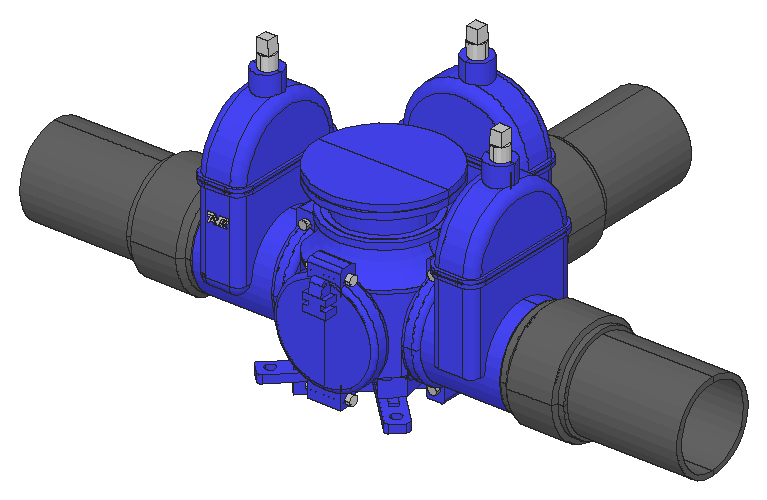
Revit family "18-01-010 DN200 Combicross with BL_CAP", category Pipe Accessories, Revit 2022
Family settings
  Round Connector Dimension = Use Diameter
  Part Type = Valve - Breaks Into
  Work Plane-Based = No
  Always vertical = Yes
  Cut with Voids When Loaded = No
  Shared = No
Parameters (values of type "DN200 With BL_CAP")
  test = 100 mm  # constant formula
  blind cap = 220 mm  # constant formula
  URL_product_pages = "https://www.avkvalves.com/P.aspx?no=1820001FFF894764"
  Search_table = "18-01-010 DN200 Combicross with BL_CAP"
  Rib_dim2 = 510 mm * 0.04  # 20.4 mm
  Rib_dim1 = 55 mm * 0.2  # 11 mm
  Raised_dis = size_lookup(Search_table, "Raised_dis", 0 mm, DN)  # 3 mm
  Rib_dim3 = PCD * 0.45  # 180 mm
  PCD = 510 mm - 110 mm  # 400 mm
  L3 = size_lookup(Search_table, "L3", 0 mm, DN)  # 1055 mm
  L = size_lookup(Search_table, "L", 0 mm, DN) / 2  # 834.5 mm
  Hole_dia = 26 mm / 2  # 13 mm
  H3-H1 = H3 - H1  # 490 mm
  H3 = size_lookup(Search_table, "H3", 0 mm, DN)  # 685 mm
  H1 = size_lookup(Search_table, "H1", 0 mm, DN)  # 195 mm
  FL_T = size_lookup(Search_table, "FL_T", 0 mm, DN)  # 16 mm
  Description_ = "COMBI-CROSS, PE PIPE ENDS, PN16"
  Default Elevation = 0 mm
  DN200 With BL_CAP = "18-200-01-FFF894764"
  DN = 200 mm
  Conn.3 = size_lookup(Search_table, "Conn.3", 0 mm, DN)  # 225 mm
  Conn.2 = size_lookup(Search_table, "Conn.2", 0 mm, DN)  # 225 mm
  Conn.1 = size_lookup(Search_table, "Conn.1", 0 mm, DN)  # 225 mm
  L4 = size_lookup(Search_table, "L4", 0 mm, DN)  # 280 mm
  Centre_Flange_OD = size_lookup(Search_table, "Centre_Flange_OD", 0 mm, DN) / 2  # 110 mm
  Centre_Bnt_H = size_lookup(Search_table, "Centre_Bnt_H", 0 mm, DN)  # 85 mm
  Centre_dis = size_lookup(Search_table, "Centre_dis", 0 mm, DN) / 2  # 165 mm
  Centre_B_H = size_lookup(Search_table, "Centre_B_H", 0 mm, DN)  # 203 mm
  C_to_connection = size_lookup(Search_table, "C_to_connection", 0 mm, DN)  # 165 mm
  C_FL_D = size_lookup(Search_table, "C_FL_D", 0 mm, DN) / 2  # 140 mm
  C_Bnt_OD = Bore * 1.25  # 125 mm
  Bore = DN / 2  # 100 mm
  Body_T = size_lookup(Search_table, "Body_T", 0 mm, DN)  # 9 mm
  Bnt_RR = Centre_dis * 0.85  # 140.25 mm
  55/2 = 55 mm / 2  # 27.5 mm
  510 = 510 mm / 2  # 255 mm
  40 = 40 mm  # constant formula
  320 = 320 mm / 2  # 160 mm
  30 = 30 mm  # constant formula
  20 = 20 mm  # constant formula
  2 = 2 mm  # constant formula
  185 = 185 mm  # constant formula
  15 = 15 mm  # constant formula
  10 = 10 mm  # constant formula
  1 = 150 mm  # constant formula
Reference planes
  plane 1 "Center (Front/Back)": y = 0
  plane 2: z = 0
  plane 3 "Center (Left/Right)": x = 0
  plane 4: through (0, 0, 1200) normal (-0.7071, 0.7071, 0)
  plane 5: through (0, 0, 1200) normal (-0.7071, -0.7071, 0)
  plane 6: z = 100
  plane 7: z = -100
  plane 8: z = 203
  plane 9: z = 187
  plane 10: x = -100
  plane 11: x = 100
  plane 12: x = -165
  plane 13: x = 165
  plane 14: z = 288
  plane 15: z = 285
  plane 16: z = 304
  plane 17: z = 490
  plane 18: x = -165
  plane 19: x = 165
  plane 20: y = 165
  plane 21: y = -165
  plane 22: through (124.616, -485.241, 1200) normal (0.7071, 0.7071, 0)
  plane 23: z = -195
  plane 24: z = -165
  plane 25: through (-593.135, 232.511, 1200) normal (0.7071, 0.7071, 0)
  plane 26: y = -75
  plane 27: x = -75
  plane 28: through (-126.931, 487.555, 1200) normal (0.7071, 0.7071, 0)
  plane 29: through (-400.771, -40.147, 1200) normal (-0.7071, 0.7071, 0)
  plane 30: through (-24.107, -384.732, 1200) normal (-0.7071, 0.7071, 0)
  plane 31: through (58.234, 97.33, 1200) normal (0.7071, 0.7071, 0)
  plane 32: through (-97.33, -58.234, 1200) normal (0.7071, 0.7071, 0)
  plane 33: through (58.234, -97.33, 1200) normal (-0.7071, 0.7071, 0)
  plane 34: through (-97.33, 58.234, 1200) normal (-0.7071, 0.7071, 0)
  plane 35: z = -205
  plane 36: x = -834.5
  plane 37: x = 834.5
  plane 38: y = 834.5
  plane 39: y = 554.5
  plane 40: y = -220
  plane 41: y = -220.5
Forms (mm)
  Revolve 1, solid, material "Laminate, Blue, Matte"
    sketch origin (0, 0, -71.799) x (1, 0, 0) y (0, 0, 1)
      loop
        line (-165, 180.799) -> (-165, 171.799) -> (-100, 171.799) -> (-100, 258.799) -> (-109, 258.799)
        arc (-109, 258.799) -> (-126.628, 212.353) -> (-165, 180.799) r 96.646
      axis (0, 258.799) -> (0, 171.799)
    angle from 0 to 360
  Revolve 2, solid, material "Laminate, Blue, Matte"
    sketch origin (0, 0, 0) x (1, 0, 0) y (0, 0, 1)
      loop
        line (165, 285) -> (140.25, 285) -> (140.25, 288) -> (100, 288) -> (100, 203) -> (109, 203) -> (109, 269) -> (165, 269) -> (165, 285)
      axis (0, 288) -> (0, 203)
    angle from 0 to 360
  Extrusion 3, solid, material "Laminate, Blue, Matte"
    sketch origin (-442.62, -1524, 203) x (-1, 0, 0) y (0, -1, 0)
      loop
        circle (-442.62, -1524) r 125
      loop
        circle (-442.62, -1524) r 100
    from 0 to -16
  Revolve 4, solid, material "Laminate, Blue, Matte"
    sketch origin (0, 0, 0) x (1, 0, 0) y (0, 0, 1)
      loop
        line (-165, 304) -> (-165, 288) -> (0, 288) -> (0, 304) -> (-165, 304)
      axis (0, 288) -> (0, 304)
    angle from 0 to 360
  Revolve 5, solid, material "Laminate, Blue, Matte"
    sketch origin (0, 0, 0) x (1, 0, 0) y (0, 0, 1)
      loop
        line (0, 100) -> (-165, 100) -> (-165, -89)
        arc (-165, -89) -> (-159.142, -103.142) -> (-145, -109) r 20
        line (-145, -109) -> (0, -109) -> (0, 100)
      axis (0, 100) -> (0, -109)
    angle from 0 to 360
  Revolve 6, solid, material "Laminate, Blue, Matte"
    sketch origin (0, 0, 0) x (1, 0, 0) y (0, 0, 1)
      loop
        line (-140, 203) -> (-140, 187) -> (0, 187) -> (0, 203) -> (-140, 203)
      axis (0, 203) -> (0, 187)
    angle from 0 to 360
  Extrusion 7, solid, material "Laminate, Blue, Matte"
    sketch origin (0, 0, 0) x (1, 0, 0) y (0, 0, 1)
      loop
        circle (0, 0) r 100
    from -165 to 165
  Extrusion 8, solid, material "Laminate, Blue, Matte"
    sketch origin (0, 0, 0) x (0, 1, 0) y (0, 0, 1)
      loop
        circle (0, 0) r 100
    from -165 to 165
  Extrusion 9, solid, material "Laminate, Blue, Matte"
    sketch origin (-49.134, 0, 0) x (1, 0, 0) y (0, 1, 0)
      loop
        line (-143.552, -167.938) -> (-118.804, -192.687)
        arc (-118.804, -192.687) -> (-111.733, -195.616) -> (-104.662, -192.687) r 10
        line (-104.662, -192.687) -> (49.134, -38.891) -> (202.93, -192.687)
        arc (202.93, -192.687) -> (210.001, -195.616) -> (217.072, -192.687) r 10
        line (217.072, -192.687) -> (241.821, -167.938)
        arc (241.821, -167.938) -> (244.75, -160.867) -> (241.821, -153.796) r 10
        line (241.821, -153.796) -> (88.025, 0) -> (241.821, 153.796)
        arc (241.821, 153.796) -> (244.75, 160.867) -> (241.821, 167.938) r 10
        line (241.821, 167.938) -> (217.072, 192.687)
        arc (217.072, 192.687) -> (210.001, 195.616) -> (202.93, 192.687) r 10
        line (202.93, 192.687) -> (49.134, 38.891) -> (-104.662, 192.687)
        arc (-104.662, 192.687) -> (-111.733, 195.616) -> (-118.804, 192.687) r 10
        line (-118.804, 192.687) -> (-143.552, 167.938)
        arc (-143.552, 167.938) -> (-146.481, 160.867) -> (-143.552, 153.796) r 10
        line (-143.552, 153.796) -> (10.243, 0) -> (-143.552, -153.796)
        arc (-143.552, -153.796) -> (-146.481, -160.867) -> (-143.552, -167.938) r 10
      loop
        circle (-110.866, -160) r 13
      loop
        circle (209.134, 160) r 13
      loop
        circle (209.134, -160) r 13
      loop
        circle (-110.866, 160) r 13
    from -145 to -165
  Extrusion 10, solid, material "Laminate, Blue, Matte"
    sketch origin (-49.134, 0, 0) x (1, 0, 0) y (0, 1, 0)
      loop
        arc (7.168, 84.393) -> (-22.762, 73.329) -> (-50.003, 56.711) r 165
        arc (-50.003, 56.711) -> (-46.166, 0.021) -> (-49.963, -56.67) r 422.946
        arc (-49.963, -56.67) -> (-22.715, -73.283) -> (7.222, -84.339) r 165
        arc (7.222, -84.339) -> (85.141, -81.585) -> (141.826, -135.118) r 101.048
        arc (141.826, -135.118) -> (165.421, -116.375) -> (185.214, -93.653) r 165
        arc (185.214, -93.653) -> (170.726, -0.064) -> (185.102, 93.541) r 310.722
        arc (185.102, 93.541) -> (165.83, 116.696) -> (142.669, 135.962) r 165
        arc (142.669, 135.962) -> (85.388, 82.667) -> (7.168, 84.393) r 103.982
    from -135 to 0
  Extrusion 11, solid, material "Laminate, Blue, Matte"
    sketch origin (-49.134, 0, 0) x (1, 0, 0) y (0, 1, 0)
      loop
        line (49.134, 14.142) -> (-71.074, 134.35) -> (-85.216, 120.208) -> (34.992, 0) -> (-85.216, -120.208) -> (-71.074, -134.35) -> (49.134, -14.142) -> (169.342, -134.35) -> (183.484, -120.208) -> (63.276, 0) -> (183.484, 120.208) -> (169.342, 134.35) -> (49.134, 14.142)
    from -140.781 to -205
  Extrusion 12, solid, material "Laminate, Blue, Matte"
    sketch origin (-49.134, 0, 0) x (1, 0, 0) y (0, 1, 0)
      loop
        line (104.713, 71.135) -> (120.269, 55.579) -> (149.119, 84.429) -> (133.563, 99.985) -> (104.713, 71.135)
      loop
        line (-50.851, -84.429) -> (-35.294, -99.985) -> (-6.444, -71.135) -> (-22.001, -55.579) -> (-50.851, -84.429)
      loop
        line (149.119, -84.429) -> (120.269, -55.579) -> (104.713, -71.135) -> (133.563, -99.985) -> (149.119, -84.429)
      loop
        line (-6.444, 71.135) -> (-35.294, 99.985) -> (-50.851, 84.429) -> (-22.001, 55.579) -> (-6.444, 71.135)
    from -165 to 100
  Revolve 13, solid, material "Laminate, Blue, Matte"
    sketch origin (0, 0, 0) x (0, 1, 0) y (0, 0, 1)
      loop
        line (-152.554, 130) -> (-179.554, 130)
        arc (-179.554, 130) -> (-186.625, 127.071) -> (-189.554, 120) r 10
        line (-189.554, 120) -> (-189.554, 0) -> (-142.554, 0) -> (-142.554, 120)
        arc (-142.554, 120) -> (-145.483, 127.071) -> (-152.554, 130) r 10
      axis (-142.554, 0) -> (-189.554, 0)
    angle from 0 to 360
  Extrusion 14, solid, material "Laminate, Blue, Matte"
    sketch origin (0, 0, 0) x (0, 1, 0) y (0, 0, 1)
      loop
        line (-152.966, 159) -> (-177.966, 159)
        arc (-177.966, 159) -> (-185.037, 156.071) -> (-187.966, 149) r 10
        line (-187.966, 149) -> (-187.966, 100) -> (-142.966, 100) -> (-142.966, 149)
        arc (-142.966, 149) -> (-145.895, 156.071) -> (-152.966, 159) r 10
      loop
        line (-142.966, -100) -> (-187.966, -100) -> (-187.966, -159) -> (-152.966, -159)
        arc (-152.966, -159) -> (-145.895, -156.071) -> (-142.966, -149) r 10
        line (-142.966, -149) -> (-142.966, -100)
    from -41.912 to 42
  Extrusion 15, solid, material "Default New Material(1)"
    sketch origin (0, 0, 0) x (0, 1, 0) y (0, 0, 1)
      loop
        circle (-166.772, 131.447) r 11.426
      loop
        circle (-166.772, -141.447) r 11.426
    from -55.579 to 57
  Extrusion 16, solid, material "Laminate, Blue, Matte"
    sketch origin (-1013.205, -220, 1200) x (-1, 0, 0) y (0, 0, 1)
      loop
        line (-983.514, -1100) -> (-1042.896, -1100) -> (-1042.896, -1116.133) -> (-1028.537, -1116.133) -> (-1028.537, -1128.112) -> (-1042.896, -1128.112) -> (-1042.896, -1144.588) -> (-983.514, -1144.588) -> (-983.514, -1128.112) -> (-997.686, -1128.112) -> (-997.686, -1116.133) -> (-983.514, -1116.133) -> (-983.514, -1100)
    from 0 to 32.034
  Extrusion 17, solid, material "Laminate, Blue, Matte"
    sketch origin (0, 0, 0) x (0, 1, 0) y (0, 0, 1)
      loop
        line (-187.966, 100) -> (-194.685, 125.077)
        arc (-194.685, 125.077) -> (-204.481, 132.487) -> (-214.071, 124.813) r 10
        line (-214.071, 124.813) -> (-220, 100) -> (-187.966, 100)
      loop
        circle (-204.344, 122.488) r 5
    from -15.519 to 15.333
Dimensions and locks
  equal spacing: plane 6, level, plane 7
  "Bore": plane 6 to level
  "Centre_B_H": plane 8 to level
  "FL_T": plane 8 to plane 9
  equal spacing: plane 11, plane 3 "Center (Left/Right)", plane 10
  "Bore": plane 3 "Center (Left/Right)" to plane 10
  "Body_T": plane 10 to Revolve 1 sketch curve
  equal spacing: plane 13, plane 3 "Center (Left/Right)", plane 12
  "Centre_dis": plane 3 "Center (Left/Right)" to plane 12
  "Centre_Bnt_H": plane 8 to plane 14
  "Raised_dis": Revolve 2 sketch curve to plane 14
  "Body_T": Revolve 2 sketch curve to plane 11
  "Raised_dis": plane 15 to plane 14
  "FL_T": Revolve 2 sketch curve to plane 15
  "Bnt_RR": Revolve 2 sketch curve to plane 3 "Center (Left/Right)"
  equal spacing: Extrusion 3 sketch curve, plane 3 "Center (Left/Right)", Extrusion 3 sketch curve  (x2)
  equal spacing: Extrusion 3 sketch curve, plane 1 "Center (Front/Back)", Extrusion 3 sketch curve  (x2)
  "FL_T": plane 16 to plane 14
  "H3-H1": plane 17 to level
  "Body_T": plane 7 to Revolve 5 sketch curve
  "C_FL_D": plane 3 "Center (Left/Right)" to Revolve 6 sketch curve
  equal spacing: Extrusion 7 sketch curve, plane 3 "Center (Left/Right)", Extrusion 7 sketch curve
  equal spacing: Extrusion 7 sketch curve, level, Extrusion 7 sketch curve
  equal spacing: Extrusion 7, plane 1 "Center (Front/Back)", Extrusion 7
  "C_to_connection": Extrusion 7 to plane 1 "Center (Front/Back)"
  equal spacing: plane 19, plane 3 "Center (Left/Right)", plane 18
  "C_to_connection": plane 3 "Center (Left/Right)" to plane 18
  equal spacing: Extrusion 8 sketch curve, plane 1 "Center (Front/Back)", Extrusion 8 sketch curve
  equal spacing: Extrusion 8 sketch curve, level, Extrusion 8 sketch curve
  equal spacing: Extrusion 8, plane 3 "Center (Left/Right)", Extrusion 8
  equal spacing: plane 20, plane 1 "Center (Front/Back)", plane 21
  "C_to_connection": plane 20 to plane 1 "Center (Front/Back)"
  equal spacing: Extrusion 9 sketch curve, plane 4, Extrusion 9 sketch curve
  "55/2": Extrusion 9 sketch curve to plane 4
  "510": plane 5 to Extrusion 9 sketch curve
  "510": plane 5 to plane 22
  "H1": level to plane 23
  "30": Extrusion 9 to plane 23
  "30": plane 24 to plane 23
  "20": Extrusion 9 to plane 24
  "510": plane 5 to plane 25
  "510": plane 28 to plane 5
  Extrusion 9 sketch curve to Extrusion 9 sketch curve = 55 mm
  "510": plane 29 to plane 4
  "510": plane 4 to plane 30
  "Body_T": Revolve 1 sketch curve to plane 6
  "Centre_Flange_OD": plane 31 to plane 5
  equal spacing: Extrusion 12 sketch curve, plane 4, Extrusion 12 sketch curve  (x2)
  "Rib_dim2": plane 31 to Extrusion 12 sketch curve
  "Rib_dim2": Extrusion 12 sketch curve to plane 31
  "Rib_dim1": Extrusion 12 sketch curve to plane 4
  equal spacing: Extrusion 12 sketch curve, plane 5, Extrusion 12 sketch curve  (x2)
  "Rib_dim2": Extrusion 12 sketch curve to plane 32
  "Rib_dim2": plane 33 to Extrusion 12 sketch curve
  "Rib_dim2": Extrusion 12 sketch curve to plane 33
  "Rib_dim2": plane 34 to Extrusion 12 sketch curve
  "Rib_dim1": Extrusion 12 sketch curve to plane 5
  "Rib_dim1": plane 5 to Extrusion 12 sketch curve
  equal spacing: Extrusion 9 sketch curve, plane 5, Extrusion 9 sketch curve
  "320": Extrusion 9 sketch curve to plane 3 "Center (Left/Right)"  (x2)
  "320": plane 3 "Center (Left/Right)" to Extrusion 9 sketch curve  (x2)
  equal spacing: Extrusion 11 sketch curve, plane 4, Extrusion 11 sketch curve  (x2)
  equal spacing: Extrusion 11 sketch curve, plane 5, Extrusion 11 sketch curve  (x2)
  "10": Extrusion 11 sketch curve to plane 5
  "10": plane 4 to Extrusion 11 sketch curve
  "Rib_dim3": Extrusion 11 sketch curve to plane 5
  "Rib_dim3": Extrusion 11 sketch curve to plane 4
  equal spacing: Extrusion 10 sketch curve, plane 5, Extrusion 10 sketch curve  (x2)
  "30": plane 5 to Extrusion 10 sketch curve
  equal spacing: Extrusion 10 sketch curve, plane 4, Extrusion 10 sketch curve  (x2)
  "30": Extrusion 10 sketch curve to plane 5
  "30": plane 4 to Extrusion 10 sketch curve  (x2)
  "40": plane 24 to plane 35
  "L": plane 36 to plane 3 "Center (Left/Right)"
  "L": plane 3 "Center (Left/Right)" to plane 37
  plane 36 to plane 37 = 1669 mm
  "L": plane 1 "Center (Front/Back)" to plane 38
  "L4": plane 38 to plane 39
  level to plane 35 = 205 mm  (x2)
  plane 17 to plane 35 = 695 mm  (x2)
  "blind cap": plane 40 to plane 1 "Center (Front/Back)"
  equal spacing: Extrusion 16 sketch curve, nested 2, Extrusion 16 sketch curve
  "L3": plane 38 to plane 41
  plane 38 to plane 41 = 1055 mm
  plane 38 to plane 39 = 280 mm
  "Bore": radius of Extrusion 3 sketch curve
  "C_Bnt_OD": radius of Extrusion 3 sketch curve
  "Bore": radius of Extrusion 7 sketch curve
  "Bore": radius of Extrusion 8 sketch curve
  "Hole_dia": radius of Extrusion 9 sketch curve  (x4)
  "10": radius of Extrusion 9 sketch curve  (x8)
  "Centre_dis": radius of Extrusion 10 sketch curve  (x4)
  aligned and locked: level to plane 2
  aligned and locked: Revolve 1 sketch curve to plane 3 "Center (Left/Right)"
  aligned and locked: Revolve 1 sketch curve to plane 6
  aligned and locked: plane 10 to Revolve 1 sketch curve
  aligned and locked: plane 9 to Revolve 1 sketch curve
  aligned and locked: Revolve 1 sketch curve to plane 12
  aligned and locked: Revolve 2 sketch curve to plane 3 "Center (Left/Right)"
  aligned and locked: plane 8 to Revolve 2 sketch curve
  aligned and locked: Revolve 2 sketch curve to plane 11
  aligned and locked: plane 14 to Revolve 2 sketch curve
  aligned and locked: plane 13 to Revolve 2 sketch curve
  aligned and locked: plane 8 to Extrusion 3
  aligned and locked: Extrusion 3 to plane 9
  aligned and locked: plane 16 to Revolve 4 sketch curve
  aligned and locked: plane 12 to Revolve 4 sketch curve
  aligned and locked: plane 14 to Revolve 4 sketch curve
  aligned and locked: Revolve 4 sketch curve to plane 3 "Center (Left/Right)"
  aligned and locked: Revolve 4 sketch curve to plane 16
  aligned and locked: plane 3 "Center (Left/Right)" to Revolve 5 sketch curve
  aligned and locked: plane 6 to Revolve 5 sketch curve
  aligned and locked: Revolve 5 sketch curve to plane 3 "Center (Left/Right)"
  aligned and locked: Revolve 6 sketch curve to plane 3 "Center (Left/Right)"  (x2)
  aligned and locked: Revolve 6 sketch curve to plane 8
  aligned and locked: plane 9 to Revolve 6 sketch curve
  aligned and locked: Extrusion 8 to plane 18
  aligned and locked: Extrusion 9 sketch curve to plane 22
  aligned and locked: level to Extrusion 10
  aligned and locked: Extrusion 9 sketch curve to plane 28
  aligned and locked: Extrusion 9 sketch curve to Extrusion 9 sketch curve  (x2)
  aligned and locked: plane 30 to Extrusion 9 sketch curve
  aligned and locked: Extrusion 9 sketch curve to plane 29
  aligned and locked: Extrusion 11 sketch curve to Extrusion 11 sketch curve  (x4)
  aligned and locked: Extrusion 12 sketch curve to Extrusion 12 sketch curve  (x4)
  aligned and locked: Extrusion 12 to plane 24
  aligned and locked: plane 6 to Extrusion 12
  aligned and locked: Extrusion 11 to plane 35
  aligned and locked: plane 18 to nested 1
  aligned and locked: plane 20 to nested 2
  aligned and locked: nested 2 to plane 3 "Center (Left/Right)"
  aligned and locked: nested 3 to plane 19
  aligned and locked: nested 3 to plane 1 "Center (Front/Back)"
  aligned and locked: Revolve 13 sketch curve to Revolve 13 sketch curve
  aligned and locked: Revolve 13 sketch curve to level
  aligned and locked: Revolve 13 sketch curve to nested 1
  aligned and locked: Extrusion 14 sketch curve to Extrusion 14 sketch curve  (x2)
  aligned and locked: Extrusion 14 sketch curve to nested 2
  aligned and locked: nested 2 to Extrusion 14 sketch curve
  aligned and locked: Extrusion 14 sketch curve to plane 6
  aligned and locked: plane 7 to Extrusion 14 sketch curve
  aligned and locked: Extrusion 14 to Extrusion 10
  aligned and locked: Extrusion 14 to nested 2
  aligned and locked: Extrusion 16 sketch curve to Extrusion 16 sketch curve  (x4)
  aligned and locked: plane 6 to Extrusion 16 sketch curve
  aligned and locked: Extrusion 16 to Extrusion 14
  aligned and locked: Extrusion 16 to plane 40
  aligned and locked: Extrusion 17 sketch curve to plane 6
  aligned and locked: Extrusion 16 to Extrusion 17
  aligned and locked: Extrusion 17 to Extrusion 16
Automatic sketch dimensions
  Revolve 4 sketch curve to plane 3 "Center (Left/Right)" = 0 mm
  plane 16 to Revolve 4 sketch curve = 85 mm
  plane 21 to Revolve 13 sketch curve = 24.554 mm
  Revolve 13 sketch curve to Revolve 13 sketch curve = 10 mm  (x2)
  plane 40 to Revolve 13 sketch curve = 7.554 mm
  plane 21 to Revolve 13 sketch curve = 2.446 mm
  Revolve 13 sketch curve to plane 21 = 12.446 mm
  plane 21 to Extrusion 14 sketch curve = 22.966 mm
  Extrusion 14 sketch curve to Extrusion 14 sketch curve = 10 mm
  Extrusion 14 sketch curve to plane 21 = 12.034 mm  (x2)
  Extrusion 14 sketch curve to plane 21 = 22.034 mm
  plane 21 to Extrusion 15 sketch curve = 1.772 mm  (x2)
  plane 24 to Extrusion 15 sketch curve = 23.553 mm
  plane 6 to Extrusion 15 sketch curve = 31.447 mm
  plane 3 "Center (Left/Right)" to Extrusion 16 sketch curve = 29.691 mm
  plane 3 "Center (Left/Right)" to Extrusion 16 sketch curve = 15.333 mm
  Extrusion 16 sketch curve to plane 3 "Center (Left/Right)" = 15.519 mm
  Extrusion 16 sketch curve to plane 6 = 16.133 mm
  Extrusion 16 sketch curve to Extrusion 16 sketch curve = 11.979 mm
  Extrusion 16 sketch curve to Extrusion 16 sketch curve = 16.476 mm
  Extrusion 17 sketch curve to Extrusion 17 sketch curve = 0 mm  (x2)
  Extrusion 17 sketch curve to plane 40 = 0 mm
  plane 40 to Extrusion 17 sketch curve = 5.929 mm
  Extrusion 17 sketch curve to Extrusion 17 sketch curve = 9.726 mm
  plane 6 to Extrusion 17 sketch curve = 25.077 mm
  Extrusion 17 sketch curve to Extrusion 17 sketch curve = 9.659 mm
  Extrusion 14 sketch curve to Extrusion 14 sketch curve = 0 mm  (x2)
  Revolve 1 sketch curve to plane 8 = 6.082 mm
  Revolve 1 sketch curve to plane 9 = 32.024 mm
  plane 8 to Revolve 1 sketch curve = 16.976 mm
  Revolve 2 sketch curve to plane 17 = 11.711 mm
  plane 17 to Revolve 2 sketch curve = 3.289 mm
  Revolve 5 sketch curve to plane 12 = 0 mm
  plane 12 to Revolve 5 sketch curve = 20 mm
  Revolve 5 sketch curve to Revolve 5 sketch curve = 31 mm
  Revolve 5 sketch curve to plane 9 = 15 mm
  Revolve 6 sketch curve to plane 9 = 20 mm
  Revolve 6 sketch curve to Revolve 6 sketch curve = 25 mm
  plane 1 "Center (Front/Back)" to Extrusion 9 sketch curve = 0 mm  (x2)
  Extrusion 9 sketch curve to plane 3 "Center (Left/Right)" = 0 mm  (x2)
  Extrusion 9 sketch curve to plane 5 = 0 mm
  Extrusion 9 sketch curve to plane 4 = 0 mm  (x2)
  plane 1 "Center (Front/Back)" to Extrusion 10 sketch curve = 0.129 mm
  plane 36 to Extrusion 10 sketch curve = 316.253 mm
  Extrusion 10 sketch curve to plane 3 "Center (Left/Right)" = 0.731 mm
  plane 3 "Center (Left/Right)" to Extrusion 10 sketch curve = 0.01 mm
  plane 3 "Center (Left/Right)" to Extrusion 10 sketch curve = 0.016 mm
  Extrusion 10 sketch curve to plane 1 "Center (Front/Back)" = 0.007 mm
  plane 3 "Center (Left/Right)" to Extrusion 10 sketch curve = 0.04 mm
  plane 3 "Center (Left/Right)" to Extrusion 10 sketch curve = 0.34 mm
  plane 3 "Center (Left/Right)" to Extrusion 10 sketch curve = 2.288 mm
  Extrusion 10 sketch curve to plane 1 "Center (Front/Back)" = 0.121 mm
  plane 13 to Extrusion 10 sketch curve = 267.313 mm
  plane 21 to Extrusion 10 sketch curve = 11.129 mm
  radius of Extrusion 15 sketch curve = 11.426 mm  (x2)
  radius of Extrusion 17 sketch curve = 5 mm
Nested families
  nested 1: "Gate valve DN200" at (-296, 0, 0), type "Gate valve DN200"
  nested 2: "Gate valve DN200" at (0, 296, 0) x (0, -1, 0) z (0, 0, 1), type "Gate valve DN200"
  nested 3: "Gate valve DN200" at (296, 0, 0) x (-1, 0, 0) z (0, 0, 1), type "Gate valve DN200"
Connectors
  piping at (-834, 0, 0), diameter 200, driven by "DN"
    settings: on nested 1, index 1, connector inside diameter 609.6 mm, connector length 0 mm, flow factor 0, pipe flow 0.0 L/s, pressure drop 0.0 Pa, fitting loss kfactor 0, connector angle 0.00°, fixture units 0, engagement length 0 mm, angle of deflection 0.00°, flow configuration 0, flow direction 0, fitting loss method 0, system type 7, joint type 0, gender type 0, connector reference index -1, connector utility 0, adjustable connector no, is connector primary yes, connector description ""
  piping at (834, 0, 0), diameter 200, driven by "DN"
    settings: on nested 3, index 2, connector inside diameter 609.6 mm, connector length 0 mm, flow factor 0, pipe flow 0.0 L/s, pressure drop 0.0 Pa, fitting loss kfactor 0, connector angle 0.00°, fixture units 0, engagement length 0 mm, angle of deflection 0.00°, flow configuration 0, flow direction 0, fitting loss method 0, system type 7, joint type 0, gender type 0, connector reference index -1, connector utility 0, adjustable connector no, is connector primary no, connector description ""
  piping at (0, 834, 0), diameter 200, driven by "DN"
    settings: on nested 2, index 3, connector inside diameter 609.6 mm, connector length 0 mm, flow factor 0, pipe flow 0.0 L/s, pressure drop 0.0 Pa, fitting loss kfactor 0, connector angle 0.00°, fixture units 0, engagement length 0 mm, angle of deflection 0.00°, flow configuration 0, flow direction 0, fitting loss method 0, system type 7, joint type 0, gender type 0, connector reference index -1, connector utility 0, adjustable connector no, is connector primary no, connector description ""
  piping at (0, -165, 0), diameter 200, driven by "DN"
    settings: on Extrusion 7, index 4, connector inside diameter 609.6 mm, connector length 0 mm, flow factor 0, pipe flow 0.0 L/s, pressure drop 0.0 Pa, fitting loss kfactor 0, connector angle 0.00°, fixture units 0, engagement length 0 mm, angle of deflection 0.00°, flow configuration 0, flow direction 0, fitting loss method 0, system type 7, joint type 0, gender type 0, connector reference index -1, connector utility 0, adjustable connector no, is connector primary no, connector description ""
Definition of nested family "Gate valve DN200"
  Parameters (values of type "Gate valve DN200")
    max_H = size_lookup(Search_table, "max_H", 0 mm, DN)  # 130 mm
    Width = size_lookup(Search_table, "Width", 0 mm, DN) / 2  # 23.5 mm
    Stem_Hole = 21.5 mm  # constant formula
    Stem_H = 47 mm  # constant formula
    Stem_F2 = 34 mm  # constant formula
    Stem_F1 = 30 mm / 2  # 15 mm
    Stem_F = 28 mm / 2  # 14 mm
    Search_table = "Gate valve"
    SctoF = size_lookup(Search_table, "SctoF", 0 mm, DN)  # 670 mm
    Polymer = (H33 - HH) * 0.95  # 126.35 mm
    PE_dis1 = PE_dis * 0.1  # 16.2 mm
    PE_dis = size_lookup(Search_table, "PE_dis", 0 mm, DN)  # 162 mm
    PE_dia1 = PE_dia * 0.9  # 120.6 mm
    PE_dia = size_lookup(Search_table, "PE_dia", 0 mm, DN) / 2  # 134 mm
    L4 = size_lookup(Search_table, "L4", 0 mm, DN)  # 280 mm
    L/2 = L * 0.5  # 834.5 mm
    L = size_lookup(Search_table, "L", 0 mm, DN)  # 1669 mm
    Inner_Width = size_lookup(Search_table, "Inner_Width", 0 mm, DN)  # 32.5 mm
    HH = size_lookup(Search_table, "HH", 0 mm, DN)  # 490 mm
    H33-HH = (H33 - HH)  # 133 mm
    H33 = size_lookup(Search_table, "H33", 0 mm, DN)  # 623 mm
    H3-H1 = H3 - H1  # 490 mm
    H3 = size_lookup(Search_table, "H3", 0 mm, DN)  # 685 mm
    H1 = size_lookup(Search_table, "H1", 0 mm, DN)  # 195 mm
    Default Elevation = 1219.2 mm
    DN = 200 mm
    D = size_lookup(Search_table, "D", 0 mm, DN) / 2  # 112.5 mm
    CtoSocket = size_lookup(Search_table, "CtoSocket", 0 mm, DN)  # 131 mm
    CtoFit = size_lookup(Search_table, "CtoFit", 0 mm, DN)  # 258 mm
    Clamp_width = size_lookup(Search_table, "Clamp_width", 0 mm, DN) / 2  # 159 mm
    Clamp_w_T = size_lookup(Search_table, "Clamp_w_T", 0 mm, DN)  # 11 mm
    Clamp_W_H = size_lookup(Search_table, "Clamp_W_H", 0 mm, DN)  # 42 mm
    Clamp_R = size_lookup(Search_table, "Clamp_R", 0 mm, DN)  # 112 mm
    Bore = DN / 2  # 100 mm
    Bont_dim2 = Stem_Hole * 1.7  # 36.55 mm
    Bont_R = size_lookup(Search_table, "Bont_R", 0 mm, DN)  # 40 mm
    Body_T = size_lookup(Search_table, "Body_T", 0 mm, DN)  # 9 mm
    Body_R = 25 mm  # constant formula
    Bnt_FL_W = size_lookup(Search_table, "Bnt_FL_W", 0 mm, DN) / 2  # 167 mm
    Bnt_FL_L = Bdy_W * 1.18  # 64.9 mm
    Bdy_W = size_lookup(Search_table, "Bdy_W", 0 mm, DN) / 2  # 55 mm
    Bdy_Rib_L = size_lookup(Search_table, "Bdy_Rib_L", 0 mm, DN) / 2  # 70 mm
    Bdy_OD_R = size_lookup(Search_table, "Bdy_OD_R", 0 mm, DN)  # 118 mm
    Bdy_L = size_lookup(Search_table, "Bdy_L", 0 mm, DN) / 2  # 157 mm
    Bdy_H = size_lookup(Search_table, "Bdy_H", 0 mm, DN)  # 220 mm
    Bdy_FL_T = size_lookup(Search_table, "Bdy_FL_T", 0 mm, DN)  # 9 mm
    5 = 10 mm  # constant formula
    1 = 1 mm  # constant formula
  Reference planes
    plane 1 "Center (Front/Back)": y = 0
    plane 2: z = 0
    plane 3 "Center (Left/Right)": x = 0
    plane 4: z = 100
    plane 5: z = -100
    plane 6: x = -538
    plane 7: x = 131
    plane 8: y = -157
    plane 9: y = -132
    plane 10: y = 157
    plane 11: y = 57
    plane 12: z = 220
    plane 13: z = 490
    plane 14: z = 456
    plane 15: z = 456
    plane 16: z = 456
    plane 17: x = -258
    plane 18: x = -96
    plane 19: y = 120.6
    plane 20: x = 55
    plane 21: z = 130
    plane 22: z = 130
    plane 23: y = 42
    plane 24: z = 112.5
  Forms (mm)
    Extrusion 1, solid
      sketch origin (0, 0, 0) x (1, 0, 0) y (0, 1, 0)
        loop
          line (-20, 15.981) -> (-20, -7.599) -> (20.031, -7.599) -> (20.031, 15.981) -> (-20, 15.981)
      from 0 to 3.871
    Revolve 2, solid
      sketch origin (0, 0, 0) x (1, 0, 0) y (0, 0, 1)
        loop
          line (-538, 112.5) -> (-538, 100) -> (-258, 100) -> (-258, 112.5) -> (-538, 112.5)
        axis (-538, 0) -> (-258, 0)
      angle from 0 to 360
    Extrusion 3, solid
      sketch origin (0, 0, 0) x (1, 0, 0) y (0, 1, 0)
        loop
          arc (-30, 157) -> (-47.678, 149.678) -> (-55, 132) r 25
          line (-55, 132) -> (-55, -132)
          arc (-55, -132) -> (-47.678, -149.678) -> (-30, -157) r 25
          line (-30, -157) -> (30, -157)
          arc (30, -157) -> (47.678, -149.678) -> (55, -132) r 25
          line (55, -132) -> (55, 132)
          arc (55, 132) -> (47.678, 149.678) -> (30, 157) r 25
          line (30, 157) -> (-30, 157)
      from 0 to 220
    Revolve 4, solid
      sketch origin (0, 0, 0) x (1, 0, 0) y (0, 1, 0)
        loop
          arc (-55, -132) -> (-47.678, -149.678) -> (-30, -157) r 25
          line (-30, -157) -> (30, -157)
          arc (30, -157) -> (47.678, -149.678) -> (55, -132) r 25
          line (55, -132) -> (-55, -132)
        axis (-55, -132) -> (55, -132)
      angle from 0 to 360
    Revolve 5, solid
      sketch origin (0, 0, 0) x (1, 0, 0) y (0, 1, 0)
        loop
          line (-55, 57) -> (55, 57)
          arc (55, 57) -> (47.494, 74.333) -> (30.006, 81.468) r 25
          line (30.006, 81.468) -> (-30.006, 81.468)
          arc (-30.006, 81.468) -> (-47.494, 74.333) -> (-55, 57) r 25
        axis (55, 57) -> (-55, 57)
      angle from 0 to 360
    Revolve 6, solid
      sketch origin (-493.771, -4572, 220) x (-1, 0, 0) y (0, -1, 0)
        loop
          arc (-463.771, -4729) -> (-446.093, -4721.678) -> (-438.771, -4704) r 25
          line (-438.771, -4704) -> (-438.771, -4572) -> (-548.771, -4572) -> (-548.771, -4704)
          arc (-548.771, -4704) -> (-541.449, -4721.678) -> (-523.771, -4729) r 25
          line (-523.771, -4729) -> (-463.771, -4729)
        axis (-438.771, -4572) -> (-548.771, -4572)
      angle from 0 to -180
    Extrusion 7, solid
      sketch origin (-493.771, -4572, 220) x (-1, 0, 0) y (0, -1, 0)
        loop
          arc (-468.871, -4739) -> (-440.587, -4727.284) -> (-428.871, -4699) r 40
          line (-428.871, -4699) -> (-428.871, -4445)
          arc (-428.871, -4445) -> (-440.587, -4416.716) -> (-468.871, -4405) r 40
          line (-468.871, -4405) -> (-518.671, -4405)
          arc (-518.671, -4405) -> (-546.955, -4416.716) -> (-558.671, -4445) r 40
          line (-558.671, -4445) -> (-558.671, -4699)
          arc (-558.671, -4699) -> (-546.955, -4727.284) -> (-518.671, -4739) r 40
          line (-518.671, -4739) -> (-468.871, -4739)
      from -9 to 9
    Sweep 8, void
      path in 3D
        loop
          arc (24.9, -167, 229) -> (53.184, -155.284, 229) -> (64.9, -127, 229) r 40
          line (64.9, -127, 229) -> (64.9, 127, 229)
          arc (64.9, 127, 229) -> (53.184, 155.284, 229) -> (24.9, 167, 229) r 40
          line (24.9, 167, 229) -> (-24.9, 167, 229)
          arc (-24.9, 167, 229) -> (-53.184, 155.284, 229) -> (-64.9, 127, 229) r 40
          line (-64.9, 127, 229) -> (-64.9, -127, 229)
          arc (-64.9, -127, 229) -> (-53.184, -155.284, 229) -> (-24.9, -167, 229) r 40
          line (-24.9, -167, 229) -> (24.9, -167, 229)
      profile origin (0, -167, 229) x (0, 1, 0) y (0, 0, 1)
        loop
          circle (0, -9) r 1
    Revolve 9, solid
      sketch origin (0, 0, 0) x (0, 1, 0) y (0, 0, 1)
        loop
          line (0, 456) -> (-21.5, 456) -> (-21.5, 220) -> (0, 220) -> (0, 456)
        axis (0, 456) -> (0, 220)
      angle from 0 to 360
    Revolve 10, solid
      sketch origin (0, 0, 0) x (1, 0, 0) y (0, 0, 1)
        loop
          line (0, 220) -> (36.55, 220) -> (36.55, 422) -> (0, 422) -> (0, 220)
        axis (0, 422) -> (0, 220)
      angle from 0 to 360
    Blend 11, solid
      base sketch origin (-122.707, -4572, 456) x (-1, 0, 0) y (0, -1, 0)
        loop
          line (-108.707, -4586) -> (-108.707, -4558) -> (-136.707, -4558) -> (-136.707, -4586) -> (-108.707, -4586)
      top sketch origin (-122.707, -4572, 456) x (-1, 0, 0) y (0, -1, 0)
        loop
          line (-107.707, -4587) -> (-107.707, -4557) -> (-137.707, -4557) -> (-137.707, -4587) -> (-107.707, -4587)
      from 34 to 0
    Extrusion 12, solid
      sketch origin (0, 0, 0) x (1, 0, 0) y (0, 0, 1)
        loop
          line (-23.918, 146.897) -> (-23.918, 142.626) -> (-18.918, 142.626) -> (-23.918, 130.401) -> (-18.918, 130.401) -> (-17.873, 132.958) -> (-10.679, 132.958) -> (-8.889, 130.401) -> (-3.889, 130.401) -> (-11.233, 146.897) -> (-23.918, 146.897)
        loop
          line (-16.916, 137.448) -> (-12.014, 137.448) -> (-14.569, 143.187) -> (-16.916, 137.448)
        loop
          line (-23.918, 153.623) -> (-23.918, 148.623) -> (-9.985, 148.623) -> (-1.872, 130.401) -> (2.613, 130.401) -> (10.066, 148.623) -> (25.066, 148.623) -> (25.066, 153.623) -> (6.51, 153.623) -> (0, 137.706) -> (-5.793, 153.623) -> (-23.918, 153.623)
        loop
          line (11.596, 147.227) -> (4.714, 130.401) -> (9.714, 130.401) -> (12.401, 136.971) -> (17.001, 130.401) -> (23.155, 130.401) -> (17.448, 137.448)
          arc (17.448, 137.448) -> (20.917, 139.098) -> (23.144, 142.227) r 7.64
          line (23.144, 142.227) -> (25.066, 142.227) -> (25.066, 147.227) -> (19.932, 147.227) -> (19.583, 145.483)
          arc (19.583, 145.483) -> (17.625, 142.244) -> (14.05, 141.003) r 5.574
          line (14.05, 141.003) -> (16.596, 147.227) -> (11.596, 147.227)
      from 157 to 158
    Revolve 13, solid
      sketch origin (0, 0, 0) x (1, 0, 0) y (0, 1, 0)
        loop
          line (-238.715, 134) -> (-241.8, 121.6) -> (-258, 121.6) -> (-258, 57) -> (-96, 57) -> (-96, 121.6) -> (-112.2, 121.6) -> (-124.6, 134) -> (-238.715, 134)
        axis (-258, 0) -> (-96, 0)
      angle from 0 to 360
    Revolve 14, solid
      sketch origin (0, 0, 0) x (1, 0, 0) y (0, 0, 1)
        loop
          line (-82, 100) -> (-96, 100) -> (-96, 0) -> (-82, 0) -> (-82, 100)
        axis (-96, 0) -> (-82, 0)
      angle from 0 to 360
    Revolve 15, solid
      sketch origin (0, 0, 0) x (1, 0, 0) y (0, 1, 0)
        loop
          line (154.5, 100) -> (154.5, 116)
          arc (154.5, 116) -> (150.399, 125.899) -> (140.5, 130) r 14
          line (140.5, 130) -> (121.5, 130)
          arc (121.5, 130) -> (111.601, 125.899) -> (107.5, 116) r 14
          line (107.5, 116) -> (107.5, 100) -> (154.5, 100)
        axis (107.5, 0) -> (154.5, 0)
      angle from 0 to 360
    Extrusion 16, solid
      sketch origin (0, 0, 0) x (1, 0, 0) y (0, 0, 1)
        loop
          arc (117.5, 159) -> (110.429, 156.071) -> (107.5, 149) r 10
          line (107.5, 149) -> (107.5, 116) -> (154.5, 116) -> (154.5, 149)
          arc (154.5, 149) -> (151.571, 156.071) -> (144.5, 159) r 10
          line (144.5, 159) -> (117.5, 159)
        loop
          line (107.5, -116) -> (107.5, -149)
          arc (107.5, -149) -> (110.429, -156.071) -> (117.5, -159) r 10
          line (117.5, -159) -> (144.5, -159)
          arc (144.5, -159) -> (151.571, -156.071) -> (154.5, -149) r 10
          line (154.5, -149) -> (154.5, -116) -> (107.5, -116)
      from -42 to 42
    Extrusion 17, solid
      sketch origin (0, 0, 0) x (1, 0, 0) y (0, 0, 1)
        loop
          circle (132.499, 130) r 10.75
        loop
          circle (131, -130) r 10.75
      from -52 to 52
    Extrusion 18, solid
      sketch origin (131, -4572, 279.192) x (0, 0, 1) y (0, -1, 0)
        loop
          circle (-279.192, -4572) r 100
        loop
          circle (-279.192, -4572) r 120.6
      from -227 to 0
  Cuts and joins
    Sweep 8 cuts Extrusion 7
  Lines and regions (mm)
    sketch lines
      curve 1: line (-24.9, -167, 229) -> (24.9, -167, 229)
      curve 2: arc (-24.9, -167, 229) -> (-53.184, -155.284, 229) -> (-64.9, -127, 229) r 40
      curve 3: arc (64.9, -127, 229) -> (53.184, -155.284, 229) -> (24.9, -167, 229) r 40
      curve 4: line (64.9, -127, 229) -> (64.9, 127, 229)
      curve 5: arc (24.9, 167, 229) -> (53.184, 155.284, 229) -> (64.9, 127, 229) r 40
      curve 6: line (24.9, 167, 229) -> (-24.9, 167, 229)
      curve 7: line (-64.9, 127, 229) -> (-64.9, -127, 229)
      curve 8: arc (-64.9, 127, 229) -> (-53.184, 155.284, 229) -> (-24.9, 167, 229) r 40
  Dimensions and locks
    equal spacing: plane 4, level, plane 5
    "Bore": plane 4 to level
    equal spacing: Extrusion 3 sketch curve, plane 3 "Center (Left/Right)", Extrusion 3 sketch curve
    equal spacing: Extrusion 3 sketch curve, plane 1 "Center (Front/Back)", Extrusion 3 sketch curve
    "Bdy_W": Extrusion 3 sketch curve to plane 3 "Center (Left/Right)"
    "Bdy_L": plane 1 "Center (Front/Back)" to Extrusion 3 sketch curve
    "Bdy_L": plane 8 to plane 1 "Center (Front/Back)"
    "Body_R": plane 9 to plane 8
    "Bdy_L": plane 1 "Center (Front/Back)" to plane 10
    "CtoSocket": plane 7 to plane 3 "Center (Left/Right)"
    "Bdy_H": plane 12 to level
    equal spacing: Revolve 6 sketch curve, plane 3 "Center (Left/Right)", Revolve 6 sketch curve
    "Bdy_L": plane 1 "Center (Front/Back)" to Revolve 6 sketch curve
    "Bdy_W": Revolve 6 sketch curve to plane 3 "Center (Left/Right)"
    equal spacing: Extrusion 7 sketch curve, plane 3 "Center (Left/Right)", Extrusion 7 sketch curve
    equal spacing: Extrusion 7 sketch curve, plane 1 "Center (Front/Back)", Extrusion 7 sketch curve
    "Bnt_FL_W": plane 1 "Center (Front/Back)" to Extrusion 7 sketch curve
    "Bnt_FL_L": plane 3 "Center (Left/Right)" to Extrusion 7 sketch curve
    equal spacing: Extrusion 7, plane 12, Extrusion 7
    "Bdy_FL_T": Extrusion 7 to plane 12
    "1": Sweep 8 sketch curve to plane 12
    "Bnt_FL_W": plane 1 "Center (Front/Back)" to Sweep 8 sketch curve
    "H3-H1": plane 13 to level
    "Stem_Hole": plane 1 "Center (Front/Back)" to Revolve 9 sketch curve
    "Stem_F2": plane 13 to plane 14
    "Bont_dim2": Revolve 10 sketch curve to plane 3 "Center (Left/Right)"
    "Stem_F2": plane 13 to plane 15
    "Stem_F2": plane 15 to Revolve 10 sketch curve
    "Stem_F2": plane 13 to plane 16
    equal spacing: Blend 11 sketch curve, plane 3 "Center (Left/Right)", Blend 11 sketch curve  (x2)
    equal spacing: Blend 11 sketch curve, plane 1 "Center (Front/Back)", Blend 11 sketch curve  (x2)
    "Stem_F": plane 3 "Center (Left/Right)" to Blend 11 sketch curve
    "Stem_F": plane 1 "Center (Front/Back)" to Blend 11 sketch curve
    "Stem_F1": plane 1 "Center (Front/Back)" to Blend 11 sketch curve
    "Stem_F1": plane 3 "Center (Left/Right)" to Blend 11 sketch curve
    "Bdy_L": plane 1 "Center (Front/Back)" to Extrusion 12
    "1": plane 8 to Extrusion 12
    "CtoFit": plane 3 "Center (Left/Right)" to plane 17
    "L4": plane 17 to plane 6
    "PE_dis": plane 18 to plane 17
    "PE_dia": plane 1 "Center (Front/Back)" to Revolve 13 sketch curve
    "PE_dia1": plane 1 "Center (Front/Back)" to plane 19
    "1": Revolve 13 sketch curve to plane 19
    "PE_dis1": plane 17 to Revolve 13 sketch curve
    "PE_dis1": Revolve 13 sketch curve to plane 18
    "Bdy_W": plane 20 to plane 3 "Center (Left/Right)"
    "Bore": level to Revolve 14 sketch curve
    "Stem_F": Revolve 14 sketch curve to plane 18
    "Bdy_W": Revolve 5 sketch curve to plane 3 "Center (Left/Right)"
    "Bdy_W": plane 3 "Center (Left/Right)" to Revolve 5 sketch curve
    plane 3 "Center (Left/Right)" to plane 18 = 96 mm
    "max_H": plane 1 "Center (Front/Back)" to Revolve 15 sketch curve
    equal spacing: Revolve 15 sketch curve, plane 7, Revolve 15 sketch curve
    "Width": Revolve 15 sketch curve to plane 7
    "Bore": plane 1 "Center (Front/Back)" to Revolve 15 sketch curve
    equal spacing: Extrusion 16 sketch curve, plane 7, Extrusion 16 sketch curve  (x2)
    "Width": Extrusion 16 sketch curve to plane 7  (x2)
    equal spacing: Extrusion 16 sketch curve, level, Extrusion 16 sketch curve  (x2)
    "max_H": plane 21 to level
    "Stem_F": plane 21 to Extrusion 16 sketch curve
    "Clamp_width": level to Extrusion 16 sketch curve
    equal spacing: Extrusion 16, plane 1 "Center (Front/Back)", Extrusion 16
    "Clamp_W_H": Extrusion 16 to plane 1 "Center (Front/Back)"
    equal spacing: Extrusion 17 sketch curve, level, Extrusion 17 sketch curve
    "max_H": plane 22 to level
    "max_H": level to Extrusion 17 sketch curve
    equal spacing: Extrusion 17, plane 1 "Center (Front/Back)", Extrusion 17
    "Clamp_W_H": plane 23 to plane 1 "Center (Front/Back)"
    "5": Extrusion 17 to plane 23
    equal spacing: Extrusion 18 sketch curve, plane 1 "Center (Front/Back)", Extrusion 18 sketch curve  (x2)
    equal spacing: Extrusion 18 sketch curve, level, Extrusion 18 sketch curve  (x2)
    "D": plane 24 to level
    "Body_R": radius of Extrusion 3 sketch curve  (x4)
    "Body_R": radius of Revolve 6 sketch curve  (x2)
    "Bont_R": radius of Extrusion 7 sketch curve  (x4)
    "1": radius of Sweep 8 sketch curve
    "Body_R": radius of Revolve 5 sketch curve  (x2)
    "Stem_F": radius of Revolve 15 sketch curve  (x2)
    "5": radius of Extrusion 16 sketch curve  (x4)
    "Stem_Hole": diameter of Extrusion 17 sketch curve  (x2)
    "Bore": radius of Extrusion 18 sketch curve
    "PE_dia1": radius of Extrusion 18 sketch curve
    aligned and locked: plane 2 to Extrusion 1
    aligned and locked: level to Extrusion 1
    aligned and locked: Revolve 2 to plane 6
    aligned and locked: Extrusion 3 to level
    aligned and locked: Revolve 4 sketch curve to Extrusion 3  (x3)
    aligned and locked: Revolve 4 sketch curve to plane 9
    aligned and locked: Revolve 5 sketch curve to plane 11  (x2)
    aligned and locked: plane 12 to Extrusion 3
    aligned and locked: Revolve 6 sketch curve to plane 1 "Center (Front/Back)"
    aligned and locked: plane 1 "Center (Front/Back)" to Revolve 6 sketch curve
    aligned and locked: Revolve 9 sketch curve to plane 1 "Center (Front/Back)"
    aligned and locked: plane 14 to Revolve 9 sketch curve
    aligned and locked: Revolve 9 sketch curve to plane 12
    aligned and locked: Revolve 9 sketch curve to Revolve 9 sketch curve
    aligned and locked: plane 3 "Center (Left/Right)" to Revolve 10 sketch curve
    aligned and locked: plane 12 to Revolve 10 sketch curve
    aligned and locked: Revolve 10 sketch curve to plane 3 "Center (Left/Right)"
    aligned and locked: plane 13 to Blend 11
    aligned and locked: Blend 11 to plane 16
    aligned and locked: Revolve 2 to plane 17
    aligned and locked: Revolve 13 sketch curve to plane 17
    aligned and locked: Revolve 13 sketch curve to Revolve 2
    aligned and locked: Revolve 13 sketch curve to plane 11
    aligned and locked: Revolve 13 sketch curve to Revolve 13 sketch curve
    aligned and locked: level to Revolve 14 sketch curve
    aligned and locked: plane 18 to Revolve 14 sketch curve
    aligned and locked: Revolve 14 sketch curve to level
    aligned and locked: Revolve 13 to plane 18
    aligned and locked: plane 1 "Center (Front/Back)" to Revolve 15 sketch curve
    aligned and locked: Extrusion 18 to plane 18
    aligned and locked: plane 7 to Extrusion 18
    aligned and locked: Revolve 2 sketch curve to plane 24
  Automatic sketch dimensions
    Extrusion 1 sketch curve to Extrusion 1 sketch curve = 40.031 mm
    Extrusion 1 sketch curve to Extrusion 1 sketch curve = 23.58 mm
    Revolve 4 sketch curve to Revolve 4 sketch curve = 10 mm
    Revolve 4 sketch curve to Revolve 4 sketch curve = 30 mm
    Extrusion 12 sketch curve to plane 3 "Center (Left/Right)" = 0 mm
    Extrusion 12 sketch curve to plane 3 "Center (Left/Right)" = 1.872 mm
    Extrusion 12 sketch curve to Extrusion 12 sketch curve = 2.016 mm
    Extrusion 12 sketch curve to plane 3 "Center (Left/Right)" = 5.793 mm
    Extrusion 12 sketch curve to Extrusion 12 sketch curve = 5 mm  (x5)
    Extrusion 12 sketch curve to Extrusion 12 sketch curve = 4.192 mm
    Extrusion 12 sketch curve to Extrusion 12 sketch curve = 1.79 mm
    Extrusion 12 sketch curve to Extrusion 12 sketch curve = 1.248 mm
    Extrusion 12 sketch curve to Extrusion 12 sketch curve = 1.335 mm
    Extrusion 12 sketch curve to Extrusion 12 sketch curve = 3.336 mm
    Extrusion 12 sketch curve to Extrusion 12 sketch curve = 4.902 mm
    Extrusion 12 sketch curve to Extrusion 12 sketch curve = 0.956 mm
    Extrusion 12 sketch curve to Extrusion 12 sketch curve = 4.349 mm
    Extrusion 12 sketch curve to Extrusion 12 sketch curve = 1.046 mm
    Extrusion 12 sketch curve to Extrusion 12 sketch curve = 0 mm  (x6)
    plane 3 "Center (Left/Right)" to Extrusion 12 sketch curve = 2.613 mm
    plane 3 "Center (Left/Right)" to Extrusion 12 sketch curve = 6.51 mm
    Extrusion 12 sketch curve to Extrusion 12 sketch curve = 7.101 mm
    Extrusion 12 sketch curve to Extrusion 12 sketch curve = 3.556 mm
    Extrusion 12 sketch curve to Extrusion 12 sketch curve = 2.687 mm
    Extrusion 12 sketch curve to Extrusion 12 sketch curve = 1.649 mm
    Extrusion 12 sketch curve to Extrusion 12 sketch curve = 4.051 mm
    Extrusion 12 sketch curve to Extrusion 12 sketch curve = 1.888 mm
    Extrusion 12 sketch curve to Extrusion 12 sketch curve = 0.59 mm
    Extrusion 12 sketch curve to Extrusion 12 sketch curve = 7.287 mm
    Extrusion 12 sketch curve to Extrusion 12 sketch curve = 3.398 mm
    Extrusion 12 sketch curve to Extrusion 12 sketch curve = 2.987 mm
    Extrusion 12 sketch curve to Extrusion 12 sketch curve = 0.349 mm
    Extrusion 12 sketch curve to Extrusion 12 sketch curve = 3.561 mm
    Extrusion 12 sketch curve to Extrusion 12 sketch curve = 6.153 mm
    Extrusion 12 sketch curve to Extrusion 12 sketch curve = 1.922 mm
    plane 4 to Extrusion 12 sketch curve = 30.401 mm
    Extrusion 12 sketch curve to Extrusion 12 sketch curve = 2.557 mm
    Extrusion 12 sketch curve to Extrusion 12 sketch curve = 6.57 mm
    Extrusion 12 sketch curve to Extrusion 12 sketch curve = 4.49 mm
    Extrusion 12 sketch curve to Extrusion 12 sketch curve = 0.477 mm
    Extrusion 12 sketch curve to Extrusion 12 sketch curve = 7.305 mm
    Extrusion 12 sketch curve to Extrusion 12 sketch curve = 4.032 mm
    Extrusion 12 sketch curve to Extrusion 12 sketch curve = 4.779 mm
    Extrusion 12 sketch curve to Extrusion 12 sketch curve = 5.178 mm
    Extrusion 12 sketch curve to Extrusion 12 sketch curve = 0.561 mm
    Extrusion 12 sketch curve to Extrusion 12 sketch curve = 0.532 mm
    Extrusion 12 sketch curve to Extrusion 12 sketch curve = 4.271 mm
    Extrusion 12 sketch curve to Extrusion 12 sketch curve = 2.276 mm
    Extrusion 12 sketch curve to Extrusion 12 sketch curve = 1.744 mm
    Extrusion 12 sketch curve to Extrusion 12 sketch curve = 1.396 mm
    Extrusion 12 sketch curve to Extrusion 12 sketch curve = 1.726 mm
    Extrusion 12 sketch curve to Extrusion 12 sketch curve = 2.101 mm
    Extrusion 12 sketch curve to Extrusion 12 sketch curve = 1.53 mm
    Revolve 2 sketch curve to plane 4 = 0 mm
    Revolve 2 sketch curve to plane 6 = 0 mm
    Revolve 2 sketch curve to plane 17 = 0 mm
    Revolve 2 sketch curve to level = 0 mm
    plane 7 to Revolve 2 sketch curve = 31.302 mm
    Revolve 2 sketch curve to Revolve 2 sketch curve = 15 mm
    Revolve 5 sketch curve to plane 11 = 0.532 mm
    plane 18 to Revolve 5 sketch curve = 0.5 mm
    Revolve 5 sketch curve to Revolve 5 sketch curve = 2.506 mm
    plane 7 to Revolve 6 sketch curve = 80.2 mm
    Revolve 6 sketch curve to Revolve 6 sketch curve = 40 mm
    Revolve 9 sketch curve to plane 14 = 49 mm
    Revolve 9 sketch curve to plane 14 = 14 mm
    plane 13 to Revolve 10 sketch curve = 84.044 mm
    Revolve 10 sketch curve to Revolve 10 sketch curve = 35 mm
    Revolve 13 sketch curve to plane 17 = 0 mm
    Revolve 13 sketch curve to plane 18 = 0 mm
    Revolve 13 sketch curve to Revolve 13 sketch curve = 3.085 mm
    Revolve 13 sketch curve to Revolve 13 sketch curve = 12.4 mm
    Revolve 13 sketch curve to plane 3 "Center (Left/Right)" = 14 mm
    Revolve 14 sketch curve to Revolve 14 sketch curve = 3 mm
    Revolve 14 sketch curve to plane 3 "Center (Left/Right)" = 9 mm
    plane 7 to Revolve 15 sketch curve = 59 mm
    Revolve 15 sketch curve to Revolve 15 sketch curve = 35 mm
    Extrusion 17 sketch curve to plane 7 = 0 mm
    plane 7 to Extrusion 17 sketch curve = 1.499 mm
